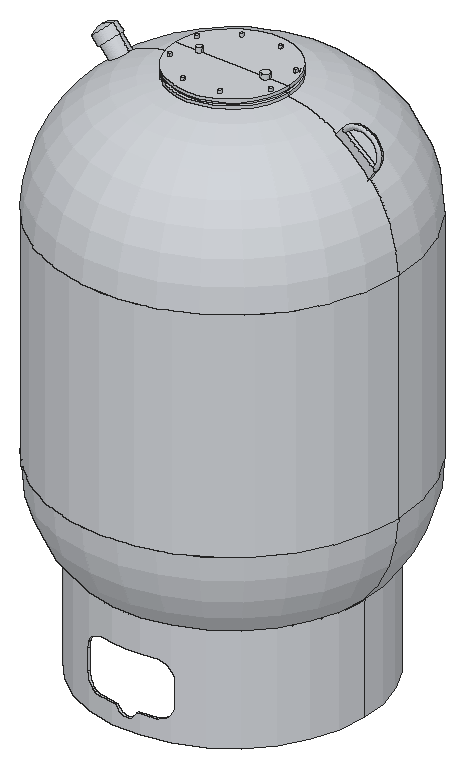
Revit family "NLA-400", category Mechanical Equipment, Revit 2014
Parameters (values of type "NLA-400")
  VoidLength = F * 0.25  # 6"
  URL = "http://westank.com/"
  Tank Volume = "106 Gallons"
  Part Number = "22010400"
  OuterRadius = F / 2  # 12"
  Model = "NLA-400"
  Maximum Operating Temperature = "240°F"
  Maximum Operating Pressure = "125 PSIG"
  Manufacturer = "Wessels Company"
  InnerRadius = (F * 0.9844) / 2  # 11.8128"
  HandleAngle = 32.00°
  G = 5 1/4"
  F = 24"
  D = 3/4"
  C = 1 1/2"
  BottomOfTheCylinder = 6.11811"
  B = 49"
  Approximate Shipment Weight = "300 lbs"
  AngleHeight = B * 0.7878  # 38.6022"
  Angle = 32.00°
  A = 30"
Reference planes (in)
  plane 1 "Center (Front/Back)": y = 0
  plane 2: z = 0
  plane 3 "Center (Left/Right)": x = 0
  plane 4: x = -15
  plane 5: x = -3
  plane 6: x = 3
  plane 7: z = 6.11811
  plane 8: z = 33.09809
  plane 9: z = -13.90157
  plane 10: z = 33.09843
  plane 11: z = 47.85433
  plane 12: z = 48.64567
  plane 13: y = 1.9685
  plane 14: y = -1.9685
  plane 15: x = 2.1751
  plane 16: x = -2.1751
  plane 17: z = 49
  plane 18: x = 15
  plane 19: z = 38.6022
  plane 20: x = -0.75
  plane 21: x = 0.75
  plane 22: x = 5.5
  plane 23: y = 0.11793
  plane 24: y = -0.11793
  plane 25: x = -15
  plane 26: x = 15
  plane 27: x = -12
  plane 28: x = 12
  plane 29: z = 48.818
  plane 30: z = 5.25
  plane 31: through (8.39808, -180, 46.49648) normal (0.6157, 0, 0.788)
  plane 32: through (-10.4271, -180, 43.72967) normal (-0.6561, 0, 0.7547)
Forms (in)
  Revolve 1, solid
    sketch origin (0, 0, -5.125) x (1, 0, 0) y (0, 0, 1)
      loop
        line (0, 52.97933) -> (-4.67524, 52.97933)
        arc (-4.67524, 52.97933) -> (-12.02054, 49.44995) -> (-15, 41.86492) r 11.14461
        line (-15, 41.86492) -> (-15, 22.25504)
        arc (-15, 22.25504) -> (-12.22583, 14.91432) -> (-5.29009, 11.24311) r 11.09923
        line (-5.29009, 11.24311) -> (0, 11.24311) -> (0, 52.97933)
      axis (0, 52.97933) -> (0, 11.24311)
    angle from 0 to 360
  Extrusion 2, solid
    sketch origin (0, 0, 0) x (1, 0, 0) y (0, 1, 0)
      loop
        circle (0, 0) r 12
      loop
        circle (0, 0) r 11.8128
    from 9.98158 to 0
  Revolve 3, solid
    sketch origin (0, 0, 0) x (1, 0, 0) y (0, 0, 1)
      loop
        line (0, 48.64567) -> (0, 47.85433) -> (5.11891, 47.85433) -> (5.11891, 48.10433) -> (4.86891, 48.10433) -> (4.86891, 48.38832) -> (5.11891, 48.38832) -> (5.11891, 48.64567) -> (0, 48.64567)
      axis (0, 48.64567) -> (0, 47.85433)
    angle from 0 to 360
  Extrusion 4, solid
    sketch origin (-60.41868, -180, 47.85433) x (-1, 0, 0) y (0, -1, 0)
      loop
        circle (-57.41868, -180) r 0.25
      loop
        circle (-63.41868, -180) r 0.375
    from 1.14567 to 0.79134
  Extrusion 5, solid
    sketch origin (-0.375, -180, 1.94094) x (-1, 0, 0) y (0, -1, 0)
      loop
        circle (-0.375, -180) r 0.75
    from 3.29734 to 4.17717
  Extrusion 6, solid
    sketch origin (-125.52133, 138.32342, 1.94094) x (0.743145, 0.66913, 0) y (-0.66913, 0.743145, 0)
      loop
        circle (1.625, -182.73886) r 0.14471
    from 46.87705 to 46.70472
  Extrusion 7, solid
    sketch origin (11.37747, 186.43906, 1.94094) x (0.997899, -0.064782, 0) y (0.064782, 0.997899, 0)
      loop
        circle (1.625, -182.73886) r 0.14471
    from 46.87705 to 46.70472
  Extrusion 8, solid
    sketch origin (141.40967, 122.03391, 1.94094) x (0.650395, -0.759596, 0) y (0.759596, 0.650395, 0)
      loop
        circle (1.9502, -182.35906) r 0.14471
    from 46.87705 to 46.70472
  Extrusion 9, solid
    sketch origin (186.09748, -16.02186, 1.94094) x (-0.089639, -0.995974, 0) y (0.995974, -0.089639, 0)
      loop
        circle (1.58018, -182.24087) r 0.14471
    from 46.87705 to 46.70472
  Extrusion 10, solid
    sketch origin (118.47064, -144.40803, 1.94094) x (-0.775574, -0.631257, 0) y (0.631257, -0.775574, 0)
      loop
        circle (1.625, -182.73886) r 0.14471
    from 46.87705 to 46.70472
  Extrusion 11, solid
    sketch origin (-20.65629, -185.64021, 1.94094) x (-0.99343, 0.114441, 0) y (-0.114441, -0.99343, 0)
      loop
        circle (1.625, -182.73886) r 0.14471
    from 46.87705 to 46.70472
  Extrusion 12, solid
    sketch origin (-147.31662, -114.83373, 1.94094) x (-0.611725, 0.79107, 0) y (-0.79107, -0.611725, 0)
      loop
        circle (1.93086, -182.34332) r 0.14471
    from 46.87705 to 46.70472
  Extrusion 13, solid
    sketch origin (-185.06756, 25.27789, 1.94094) x (0.139172, 0.990268, 0) y (-0.990268, 0.139172, 0)
      loop
        circle (1.55541, -182.24372) r 0.14471
    from 46.87705 to 46.70472
Cuts and joins
  joined: Revolve 1, Extrusion 2
Dimensions and locks (in)
  equal spacing: plane 6, plane 3 "Center (Left/Right)", plane 5
  "VoidLength": plane 6 to plane 5
  "BottomOfTheCylinder": plane 7 to level
  locked: plane 12 to plane 11 at 0.79134
  equal spacing: plane 16, plane 3 "Center (Left/Right)", plane 15
  equal spacing: plane 13, plane 1 "Center (Front/Back)", plane 14
  "B": plane 17 to level
  equal spacing: plane 18, plane 3 "Center (Left/Right)", plane 4
  "A": plane 18 to plane 4
  locked: plane 5 to Extrusion 4 sketch curve at 0
  locked: Extrusion 4 sketch curve to plane 1 "Center (Front/Back)" at 0  (x2)
  locked: Extrusion 4 sketch curve to plane 6 at 0
  "C": plane 21 to plane 20
  equal spacing: plane 21, plane 3 "Center (Left/Right)", plane 20
  locked: plane 17 to plane 12 at 0.35433
  plane 23 to plane 24 = 0.23586"
  equal spacing: plane 26, plane 3 "Center (Left/Right)", plane 25
  "A": plane 26 to plane 25
  equal spacing: plane 28, plane 3 "Center (Left/Right)", plane 27
  "F": plane 28 to plane 27
  locked: plane 17 to plane 29 at 0.182
  locked: plane 7 to Extrusion 5 at 0.87983
  "G": plane 30 to level
  "AngleHeight": plane 19 to level
  "OuterRadius": radius of Extrusion 2 sketch curve
  "InnerRadius": radius of Extrusion 2 sketch curve
  "D": diameter of Extrusion 4 sketch curve
  "C": diameter of Extrusion 5 sketch curve
  aligned and locked: level to plane 2
  aligned and locked: Extrusion 2 to level
  aligned and locked: Revolve 3 sketch curve to plane 11
  aligned and locked: plane 12 to Revolve 3 sketch curve
  aligned and locked: Revolve 3 sketch curve to plane 3 "Center (Left/Right)"  (x2)
  aligned and locked: Revolve 1 sketch curve to plane 11
  aligned and locked: plane 4 to Revolve 1 sketch curve
  aligned and locked: Extrusion 4 to plane 12
  aligned and locked: plane 17 to Extrusion 4
  aligned and locked: plane 7 to Extrusion 5
  aligned and locked: Extrusion 12 to Extrusion 13
  aligned and locked: Extrusion 6 to Extrusion 13
  aligned and locked: Extrusion 11 to Extrusion 6
  aligned and locked: Extrusion 7 to Extrusion 11
  aligned and locked: Extrusion 10 to Extrusion 7
  aligned and locked: Extrusion 8 to Extrusion 10
  aligned and locked: Extrusion 9 to Extrusion 10
  aligned and locked: Extrusion 8 to Extrusion 9
  aligned and locked: Extrusion 10 to Extrusion 9
  aligned and locked: Extrusion 7 to Extrusion 9
  aligned and locked: Extrusion 11 to Extrusion 9
  aligned and locked: Extrusion 6 to Extrusion 9
  aligned and locked: Extrusion 12 to Extrusion 6
  aligned and locked: Extrusion 13 to Extrusion 6
  aligned and locked: plane 29 to Extrusion 12
  aligned and locked: Extrusion 12 to Revolve 3
  aligned and locked: plane 1 "Center (Front/Back)" to nested 2
  aligned and locked: nested 2 to plane 3 "Center (Left/Right)"
  aligned and locked: nested 3 to plane 1 "Center (Front/Back)"
  aligned and locked: nested 4 to plane 1 "Center (Front/Back)"
Automatic sketch dimensions
  Revolve 3 sketch curve to plane 11 = 0"
  plane 11 to Revolve 3 sketch curve = 1/4"
  plane 6 to Revolve 3 sketch curve = 1.86891"
  Revolve 3 sketch curve to Revolve 3 sketch curve = 1/4"  (x2)
  Revolve 3 sketch curve to plane 12 = 0.25735"
  Revolve 3 sketch curve to Revolve 3 sketch curve = 1/2"
  Revolve 1 sketch curve to plane 3 "Center (Left/Right)" = 0"  (x2)
  Revolve 1 sketch curve to plane 5 = 0.90077"
  Revolve 1 sketch curve to plane 5 = 0.85539"
  Revolve 1 sketch curve to plane 5 = 1.67524"
  Revolve 1 sketch curve to plane 5 = 2.29009"
  Revolve 1 sketch curve to level = 2.26259"
  Revolve 1 sketch curve to plane 11 = 1.77165"
  Revolve 1 sketch curve to plane 7 = 0"
  plane 16 to Extrusion 6 sketch curve = 0.13744"
  plane 13 to Extrusion 6 sketch curve = 1.64072"
  plane 21 to Extrusion 7 sketch curve = 0.41095"
  plane 13 to Extrusion 7 sketch curve = 2.01028"
  Extrusion 8 sketch curve to plane 13 = 0.02145"
  plane 6 to Extrusion 8 sketch curve = 1.1589"
  plane 14 to Extrusion 9 sketch curve = 0.70873"
  plane 6 to Extrusion 9 sketch curve = 1.44861"
  Extrusion 10 sketch curve to plane 15 = 0.31987"
  Extrusion 10 sketch curve to plane 14 = 1.7378"
  Extrusion 11 sketch curve to plane 20 = 0.60782"
  Extrusion 11 sketch curve to plane 14 = 1.94747"
  plane 14 to Extrusion 12 sketch curve = 0.20625"
  Extrusion 12 sketch curve to plane 5 = 1.2514"
  Extrusion 13 sketch curve to plane 13 = 0.51348"
  Extrusion 13 sketch curve to plane 5 = 1.38091"
  Extrusion 2 sketch curve to Extrusion 2 sketch curve = 0"  (x2)
  plane 1 "Center (Front/Back)" to Extrusion 2 sketch curve = 0"
  Extrusion 2 sketch curve to plane 3 "Center (Left/Right)" = 0"
  plane 1 "Center (Front/Back)" to Extrusion 5 sketch curve = 0"
  Extrusion 5 sketch curve to plane 3 "Center (Left/Right)" = 0"
  radius of Extrusion 6 sketch curve = 0.14471"
  radius of Extrusion 7 sketch curve = 0.14471"
  radius of Extrusion 8 sketch curve = 0.14471"
  radius of Extrusion 9 sketch curve = 0.14471"
  radius of Extrusion 10 sketch curve = 0.14471"
  radius of Extrusion 11 sketch curve = 0.14471"
  radius of Extrusion 12 sketch curve = 0.14471"
  radius of Extrusion 13 sketch curve = 0.14471"
  radius of Extrusion 4 sketch curve = 1/4"
Nested families (in)
  nested 1: "BottomVoid" at (-0.02557, -11.99997, 4.15053) x (1, -0.0021, 0) z (-0.0021, -1, 0), type "BottomVoid"
    with VoidLength 7.87423", VoidHeight 4.86049"
  nested 2: "ElbowConnector" at (0, 0, 5.23828) x (0, -1, 0) z (0, 0, 1), PipeDiameter <- "C", type "ElbowConnector"
    with PipeDiameter 1 1/2", NutDiameter 1 7/8"
  nested 3: "Hook" at (10.71238, 0, 44.68836) x (-0.788, 0, 0.6157) z (0.6157, 0, 0.788), type "Hook"
  nested 4: "TopConnector" at (-9.19758, 0, 44.79847) x (-0.7547, 0, -0.6561) z (-0.6561, 0, 0.7547), type "TopConnector"
Connectors (in)
  piping at (3, 0, 49), diameter 0.75, driven by "D"
    settings: on Extrusion 4, index 3, connector inside diameter 24", connector length 0", flow factor 0, pipe flow 0 GPM, pressure drop 0.00 psi, fitting loss kfactor 0, connector angle 0.00°, fixture units 0, engagement length 0", angle of deflection 0.00°, flow configuration 0, flow direction 0, fitting loss method 0, system type 19, joint type 0, gender type 0, connector reference index -1, connector utility 0, adjustable connector no, is connector primary yes, connector description ""
  piping at (0, -1.35433, 3.23828), diameter 1.5, driven by "C"
    settings: on nested 2, index 4, connector inside diameter 24", connector length 0", flow factor 0, pipe flow 0 GPM, pressure drop 0.00 psi, fitting loss kfactor 0, connector angle 0.00°, fixture units 0, engagement length 0", angle of deflection 0.00°, flow configuration 0, flow direction 0, fitting loss method 0, system type 7, joint type 0, gender type 0, connector reference index -1, connector utility 0, adjustable connector no, is connector primary no, connector description ""
Definition of nested family "ElbowConnector"
  Parameters (values of type "ElbowConnector")
    PipeDiameter [instance] = 2"
    NutDiameter [instance] = PipeDiameter * 1.25  # 2 1/2"
    Default Elevation = 48"
  Reference planes (in)
    plane 1 "Center (Front/Back)": y = 0
    plane 2: z = 0
    plane 3 "Center (Left/Right)": x = 0
    plane 4: y = 12.38632
    plane 5: x = 2
    plane 6: z = -2
    plane 7: z = -0.64561
    plane 8: z = 0.64561
    plane 9: z = -1.12604
    plane 10: x = 0.70866
    plane 11: x = 0.70866
    plane 12: x = 1.35433
  Forms (in)
    Extrusion 1, solid
      sketch origin (0, 0, 0) x (1, 0, 0) y (0, 1, 0)
        loop
          line (-48, 48) -> (-48, -48) -> (48, -48) -> (48, 48) -> (-48, 48)
      from 0 to -12
    Sweep 2, solid
      path origin (0, 0, 0) x (1, 0, 0) y (0, 0, 1)
        loop
          line (0, 0) -> (0, -0.67719)
          arc (0, -0.67719) -> (0.38744, -1.61256) -> (1.32281, -2) r 1.32281
          line (1.32281, -2) -> (1.35433, -2)
      profile origin (0, 0, -0.3386) x (0, -1, 0) y (1, 0, 0)
        loop
          circle (0, 0) r 1
    Extrusion 3, solid
      sketch origin (0.88583, -180, 0.64561) x (1, 0, 0) y (0, 1, 0)
        loop
          circle (-0.88583, 180) r 1.25
      from 0 to -1.29123
    Extrusion 4, solid
      sketch origin (1.35433, 0, -2) x (0, -1, 0) y (0, 0, -1)
        loop
          circle (0, 0) r 1.25
      from 0.64567 to -0.64567
  Dimensions and locks (in)
    locked: plane 5 to plane 3 "Center (Left/Right)" at 2
    "PipeDiameter": diameter of Sweep 2 sketch curve
    "NutDiameter": diameter of Extrusion 3 sketch curve
    "NutDiameter": diameter of Extrusion 4 sketch curve
    aligned and locked: plane 2 to Extrusion 1
    aligned and locked: level to Extrusion 1
    aligned and locked: plane 7 to Extrusion 3
    aligned and locked: plane 2 to Sweep 2 sketch curve
    aligned and locked: plane 12 to Sweep 2 sketch curve
    aligned and locked: plane 5 to Extrusion 4
  Automatic sketch dimensions
    Extrusion 1 sketch curve to Extrusion 1 sketch curve = 96"  (x2)
    Sweep 2 sketch curve to plane 3 "Center (Left/Right)" = 0"
    Sweep 2 sketch curve to plane 6 = 0"
    plane 7 to Sweep 2 sketch curve = 0.03158"
    plane 1 "Center (Front/Back)" to Sweep 2 sketch curve = 0"
    Sweep 2 sketch curve to profile plane = 0"
    plane 1 "Center (Front/Back)" to Extrusion 3 sketch curve = 0"
    Extrusion 3 sketch curve to plane 3 "Center (Left/Right)" = 0"
Definition of nested family "Hook"
  Parameters (values of type "Hook")
    Length = 3.93701"
    Height = 1.37795"
    Depth = 0.3937"
    Default Elevation = 48"
    CircleDiameter = Length * 0.1  # 0.3937"
  Reference planes (in)
    plane 1 "Center (Front/Back)": y = 0
    plane 2: z = 0
    plane 3 "Center (Left/Right)": x = 0
    plane 4: y = 0.19685
    plane 5: y = -0.19685
    plane 6: x = -1.9685
    plane 7: x = 1.9685
    plane 8: z = 1.37795
    plane 9: x = -1.5748
    plane 10: x = 1.5748
    plane 11: x = -1.77165
    plane 12: x = 1.77165
    plane 13: z = 3.15368
  Forms (in)
    Extrusion 1, solid
      sketch origin (0, 0, 0) x (1, 0, 0) y (0, 1, 0)
        loop
          line (-48, 48) -> (-48, -48) -> (48, -48) -> (48, 48) -> (-48, 48)
      from 0 to -12
    Extrusion 2, solid
      sketch origin (0, 0, 0) x (1, 0, 0) y (0, 1, 0)
        loop
          line (-1.9685, 0.19685) -> (-1.9685, -0.19685) -> (1.9685, -0.19685) -> (1.9685, 0.19685) -> (-1.9685, 0.19685)
      from 0 to 1.37795
    Sweep 3, solid
      path origin (0, 0, 0) x (1, 0, 0) y (0, 0, 1)
        loop
          arc (-1.77165, 1.37795) -> (0, 3.14961) -> (1.77165, 1.37795) r 1.77165
      profile origin (0, 0, 3.14961) x (0, 0, 1) y (0, -1, 0)
        loop
          circle (0, 0) r 0.19685
  Dimensions and locks (in)
    equal spacing: plane 4, plane 1 "Center (Front/Back)", plane 5
    "Depth": plane 4 to plane 5
    equal spacing: plane 6, plane 3 "Center (Left/Right)", plane 7
    "Length": plane 6 to plane 7
    "Height": plane 8 to Extrusion 1
    locked: plane 1 "Center (Front/Back)" to Sweep 3 sketch curve at 0
    equal spacing: plane 9, plane 11, plane 6
    equal spacing: plane 7, plane 12, plane 10
    locked: plane 7 to plane 12 at 0.19685
    locked: plane 11 to plane 6 at 0.19685
    "CircleDiameter": diameter of Sweep 3 sketch curve
    aligned and locked: plane 2 to Extrusion 1
    aligned and locked: level to Extrusion 1
    aligned and locked: Extrusion 2 sketch curve to plane 4
    aligned and locked: plane 6 to Extrusion 2 sketch curve
    aligned and locked: plane 5 to Extrusion 2 sketch curve
    aligned and locked: Extrusion 2 sketch curve to plane 7
    aligned and locked: plane 8 to Extrusion 2
    aligned and locked: plane 8 to Sweep 3 sketch curve  (x2)
    aligned and locked: plane 11 to Sweep 3 sketch curve
    aligned and locked: plane 12 to Sweep 3 sketch curve
  Automatic sketch dimensions
    Extrusion 1 sketch curve to Extrusion 1 sketch curve = 96"  (x2)
    Extrusion 2 sketch curve to plane 6 = 0"
    profile plane to Sweep 3 sketch curve = 0"
Definition of nested family "TopConnector"
  Parameters (values of type "TopConnector")
    Default Elevation = 48"
  Reference planes (in)
    plane 1 "Center (Front/Back)": y = 0
    plane 2: z = 0
    plane 3 "Center (Left/Right)": x = 0
    plane 4: x = -1.03346
    plane 5: x = 1.03346
  Forms (in)
    Extrusion 1, solid
      sketch origin (0, 0, 0) x (1, 0, 0) y (0, 1, 0)
        loop
          line (-48, 48) -> (-48, -48) -> (48, -48) -> (48, 48) -> (-48, 48)
      from 0 to -12
    Revolve 2, solid
      sketch origin (0, 0, 0) x (1, 0, 0) y (0, 0, 1)
        loop
          line (0, 0) -> (0.90481, 0) -> (0.90481, 2.70509) -> (1.03346, 2.70509) -> (1.03346, 3.58595)
          arc (1.03346, 3.58595) -> (0.53755, 3.80669) -> (0, 3.88222) r 1.95064
          line (0, 3.88222) -> (0, 0)
        axis (0, 3.88222) -> (0, 0)
      angle from 0 to 360
  Dimensions and locks (in)
    equal spacing: plane 5, plane 3 "Center (Left/Right)", plane 4
    aligned and locked: plane 2 to Extrusion 1
    aligned and locked: level to Extrusion 1
    aligned and locked: Revolve 2 sketch curve to plane 5
    aligned and locked: plane 2 to Revolve 2 sketch curve
    aligned and locked: plane 3 "Center (Left/Right)" to Revolve 2 sketch curve
    aligned and locked: Revolve 2 sketch curve to plane 3 "Center (Left/Right)"
  Automatic sketch dimensions
    Extrusion 1 sketch curve to Extrusion 1 sketch curve = 96"  (x2)
    Revolve 2 sketch curve to Revolve 2 sketch curve = 0.12866"
    Revolve 2 sketch curve to Revolve 2 sketch curve = 1.93158"
    Revolve 2 sketch curve to Revolve 2 sketch curve = 0.77351"
    Revolve 2 sketch curve to Revolve 2 sketch curve = 0.88086"
    Revolve 2 sketch curve to level = 0.20685"
    Revolve 2 sketch curve to Revolve 2 sketch curve = 0.5008"
